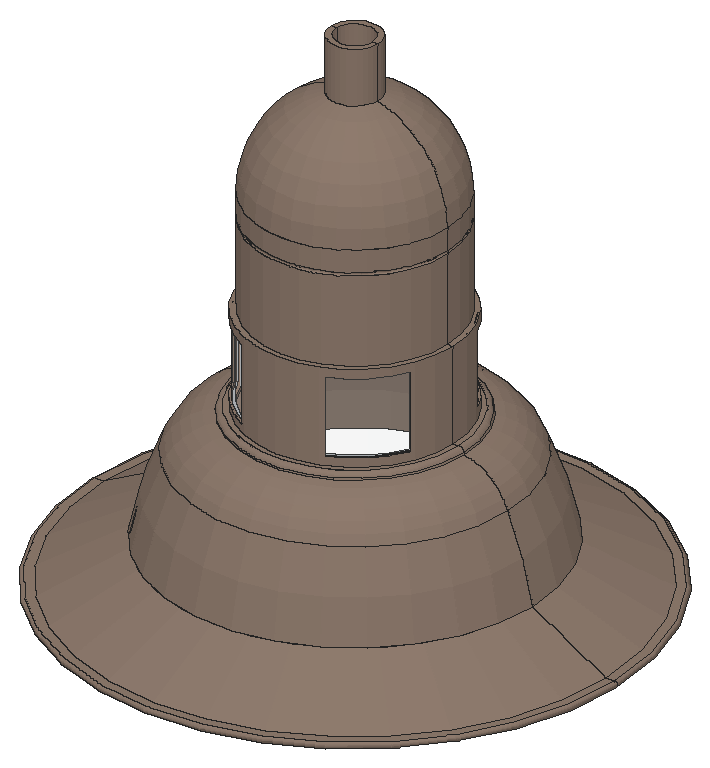
Revit family "BVB2404", category Generic Models, Revit 2014
Parameters
  GLASS = Glass
  BELL = Bronze, Architectural
Reference planes (in)
  plane 1 "Center (Front/Back)": y = 0
  plane 2: z = 0
  plane 3 "Center (Left/Right)": x = 0
Forms (in)
  Revolve 1, solid, material "Bronze, Architectural" <- "BELL"
    sketch origin (0, 0, 0) x (1, 0, 0) y (0, 0, 1)
      loop
        line (-1.0625, 22.55358) -> (-1.0625, 20.24004) -> (-0.8125, 20.24004) -> (-0.8125, 22.55358) -> (-1.0625, 22.55358)
      axis (0, 22.55358) -> (0, 20.24004)
    angle from 0 to 360
  Revolve 2, solid, material "Bronze, Architectural" <- "BELL"
    sketch origin (0, 0, 0) x (1, 0, 0) y (0, 0, 1)
      loop
        line (-0.55052, 20.24004) -> (-1.0625, 20.24004)
        arc (-1.0625, 20.24004) -> (-3.35992, 18.72758) -> (-4.25, 16.125) r 4.25
        line (-4.25, 16.125) -> (-4.25, 15.1875)
        arc (-4.25, 15.1875) -> (-4.21143, 15.125) -> (-4.25, 15.0625) r 0.06992
        line (-4.25, 15.0625) -> (-4.25, 11.375) -> (-4.5, 11.375) -> (-4.5, 7.375) -> (-4.25, 7.375) -> (-4.25, 7.46875) -> (-4.40625, 7.46875) -> (-4.40625, 11.28125) -> (-4.15625, 11.28125) -> (-4.15625, 15.01946)
        arc (-4.15625, 15.01946) -> (-4.11768, 15.125) -> (-4.15625, 15.23054) r 0.16367
        line (-4.15625, 15.23054) -> (-4.15625, 16.125)
        arc (-4.15625, 16.125) -> (-3.28943, 18.66549) -> (-1.05052, 20.14629) r 4.15625
        line (-1.05052, 20.14629) -> (-0.55052, 20.14629) -> (-0.55052, 20.24004)
      axis (0, 20.24004) -> (0, 7.375)
    angle from 0 to 360
  Revolve 3, solid
    sketch origin (0, 0, 0) x (1, 0, 0) y (0, 0, 1)
      loop
        line (-4.40625, 11.28125) -> (-4.40625, 7.46875) -> (-4.28125, 7.46875) -> (-4.28125, 11.28125) -> (-4.40625, 11.28125)
      axis (0, 11.28125) -> (0, 7.46875)
    angle from 0 to 360
  Revolve 4, solid, material "Bronze, Architectural" <- "BELL"
    sketch origin (0, 0, 0) x (1, 0, 0) y (0, 0, 1)
      loop
        arc (-4.73951, 7.375) -> (-4.88941, 7.32508) -> (-4.97944, 7.19524) r 0.25
        line (-4.97944, 7.19524) -> (-5, 7.125)
        arc (-5, 7.125) -> (-6.22065, 6.58407) -> (-7, 5.5) r 2.5472
        arc (-7, 5.5) -> (-7.68506, 3.78939) -> (-8.125, 2) r 13.1876
        line (-8.125, 2) -> (-11.4738, 0.25) -> (-11.875, 0.25)
        arc (-11.875, 0.25) -> (-12, 0.125) -> (-11.875, 0) r 0.125
        line (-11.875, 0) -> (-11.74978, 0) -> (-8.04042, 1.93842)
        arc (-8.04042, 1.93842) -> (-7.6022, 3.74076) -> (-6.91371, 5.4631) r 13.09385
        arc (-6.91371, 5.4631) -> (-6.14007, 6.52855) -> (-4.92702, 7.04061) r 2.45345
        line (-4.92702, 7.04061) -> (-4.88946, 7.1689)
        arc (-4.88946, 7.1689) -> (-4.83319, 7.25005) -> (-4.73951, 7.28125) r 0.15625
        line (-4.73951, 7.28125) -> (-3.73951, 7.28125) -> (-3.73951, 7.375) -> (-4.73951, 7.375)
      axis (0, 7.375) -> (0, 0)
    angle from 0 to 360
  Extrusion 5, void
    sketch origin (1.80016, -1.80165, 0) x (0.707107, -0.707107, 0) y (0, 0, 1)
      loop
        line (-4.09375, 11) -> (-4.09375, 7.75) -> (-1, 7.75) -> (-1, 11) -> (-4.09375, 11)
    from 3.88918 to 4.51246
  Extrusion 6, void
    sketch origin (-1.80016, 1.80165, 0) x (-0.707107, 0.707107, 0) y (0, 0, 1)
      loop
        line (-4.09375, 11) -> (-4.09375, 7.75) -> (-1, 7.75) -> (-1, 11) -> (-4.09375, 11)
    from 3.88918 to 4.51246
  Extrusion 7, void
    sketch origin (-1.80165, -1.80016, 0) x (-0.707107, -0.707107, 0) y (0, 0, 1)
      loop
        line (-4.09375, 11) -> (-4.09375, 7.75) -> (-1, 7.75) -> (-1, 11) -> (-4.09375, 11)
    from 3.88918 to 4.51246
  Extrusion 8, void
    sketch origin (1.80165, 1.80016, 0) x (0.707107, 0.707107, 0) y (0, 0, 1)
      loop
        line (-4.09375, 11) -> (-4.09375, 7.75) -> (-1, 7.75) -> (-1, 11) -> (-4.09375, 11)
    from 3.88918 to 4.51246
  Revolve 9, solid, material "Glass" <- "GLASS"
    sketch origin (0, 0, 0) x (1, 0, 0) y (0, 0, 1)
      loop
        line (-4.40625, 11.28125) -> (-4.40625, 7.46875) -> (-4.28125, 7.46875) -> (-4.28125, 11.28125) -> (-4.40625, 11.28125)
      axis (0, 11.28125) -> (0, 7.46875)
    angle from 0 to 360
Cuts and joins
  Extrusion 5, Extrusion 6, Extrusion 7, Extrusion 8 cuts Revolve 2
  Extrusion 5, Extrusion 6, Extrusion 7, Extrusion 8 cuts Revolve 3
Dimensions and locks (in)
  aligned and locked: plane 2 to level
